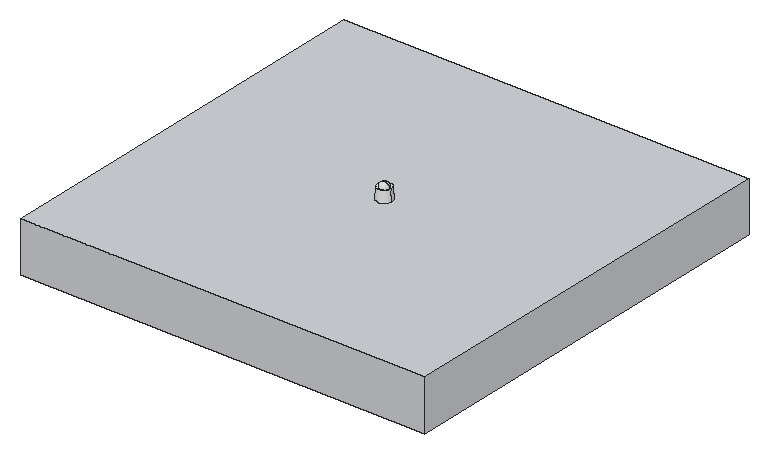
Revit family "Legrand_Lighting_Management_Standalone_Motion_Sensor_360D_Waterproof_Grey_Wall", category Dispositifs d'éclairage, Revit 2020
Family settings
  Hôte = Face
  Conserver l'orientation des annotations = Oui
  Cote de connecteur circulaire = Utiliser le diamètre
  Type d'élément = Normal
  Couper avec des vides une fois chargée = Non
  Partagée = Non
  Point de calcul de pièce = Non
Parameters
  Voltage type = "AC"
  URL = "http://www.legrandoc.com/069740"
  Temperature (MIN) (°C) = 0
  Temperature (MAX) (°C) = 55
  Suitable for wireless transmission = "no"
  Substation input = "no"
  Response value sensitivity adjustable = "yes"
  Response value luminosity adjustable = "yes"
  Response value luminosity (MIN) (lx) = 10
  Response value luminosity (MAX) (lx) = 4000
  Remote operation = "no"
  RAL-number (akin) = "7035"
  Product ID = "069740"
  Nominal voltage (V) = "230"
  Mounting method = "Surface mounted (plaster)"
  Model = "Movement sensor"
  Min. switch-on time (s) = "12"
  Maximum mounting height (m) = "4"
  Max. switching power (W) = 1000
  Max. starting current (A) = "8.5"
  Max. duty cycle (mn) = "16"
  Label [instance] = no
  Indication distance [instance] = 12 mm
  Image du type = PH3.jpg
  HVAC-control = "no"
  General Conditions of Use = "https://export.legrand.com/en/terms-of-use-BIM-objects"
  Frequency (MIN) (Hz) = 50
  Frequency (MAX) (Hz) = 60
  Forced switch off = "no"
  Fabricant = "LEGRAND"
  Elévation par défaut = 2500 mm
  ETIM-5.0 Class = "EC000133"
  Dim function with dimmer basic element = "no"
  Detection zone [instance] = no
  Detection angle horizontal (MIN) (°) = 0
  Detection angle horizontal (MAX) (°) = 360
  Description = "PIR WATERPROOF MOTION SENSOR 360 DEGREES GREY PLEXO"
  Degree of protection (IP) = "IP55"
  Constant light control = "yes"
  Colour = "Grey"
  Code d'assemblage = "D5010200"
  Alarm function = "no"
Reference planes
  plane 1 "Centre (avant/arrière)": y = 0
  plane 2: z = 0
  plane 3 "Centre (gauche/droite)": x = 0
Forms (mm)
  Extrusion 1, solid
    sketch origin (0, 0, 0) x (1, 0, 0) y (0, 1, 0)
      loop
        line (-1219.2, 1219.2) -> (-1219.2, -1219.2) -> (1219.2, -1219.2) -> (1219.2, 1219.2) -> (-1219.2, 1219.2)
    from 0 to -304.8
Dimensions and locks
  aligned and locked: plane 2 to Extrusion 1
  aligned and locked: level to Extrusion 1
  aligned and locked: nested 1 to plane 2
  aligned and locked: plane 3 "Centre (gauche/droite)" to nested 1
  aligned and locked: plane 1 "Centre (avant/arrière)" to nested 1
Nested families
  nested 1: "048898" at (0, 0, 0), type "048898"
  nested 2: "Symbole D" at (0, 0, 0), type "Symbole D"
  nested 3: "Zone de detection 12mx8m- plan" at (0, 0, 0) x (0, 0, 1) z (0, -1, 0), visible <- "Detection zone", type "Zone de detection 12mx8m- plan"
  nested 4: "Détection 90° EN" at (0, 160.52, 0), visible <- "Label", Indication distance <- "Indication distance", type "Détection 90° EN"
    with Indication distance 12 mm
Connectors
  electrical at (0, 0, 0)
    settings: on nested 1, index 1, voltage 230 V, apparent load 0 VA, apparent load phase1 0 VA, apparent load phase2 0 VA, apparent load phase3 0 VA, power factor 1, load classification "Autre", number of poles 1, system type 31, power factor state 1, is connector primary yes, connector utility no, sub classification motor no, connector description ""
Definition of nested family "048898"
  Parameters (values of type "048898")
    Default Elevation = 0 mm
  Reference planes
    plane 1 "Centre (avant/arrière)": y = 0
    plane 2: z = 0
    plane 3 "Centre (gauche/droite)": x = 0
  Forms (mm)
    Revolve 1, solid
      sketch origin (0, 0, 0) x (-1, 0, 0) y (0, 0, -1)
        loop
          line (0, 0) -> (0, -65.2) -> (41, -65.2)
          arc (41, -65.2) -> (43.378, -32.633) -> (44.526, 0) r 865.317
          line (44.526, 0) -> (0, 0)
        axis (0, 0) -> (0, -65.2)
      angle from 0 to 360
    Revolve 2, solid
      sketch origin (0, 0, 0) x (-1, 0, 0) y (0, 0, -1)
        loop
          arc (0, -91.691) -> (18.988, -83.722) -> (27.988, -65.2) r 29.184
          line (27.988, -65.2) -> (0, -65.2) -> (0, -91.691)
        axis (0, -65.2) -> (0, -91.691)
      angle from 0 to 360
  Dimensions and locks
    aligned and locked: level to plane 2
Definition of nested family "Symbole D"
  Reference planes
    plane 1: y = 0
    plane 2: x = 0
  Lines and regions (mm)
    detail lines
      curve 1: spline (0.481, 2.356, 0) -> (0.429, 2.16, 0) -> (0.363, 1.989, 0) -> (0.285, 1.851, 0) -> (0.199, 1.748, 0) -> (0.106, 1.685, 0) -> (0.01, 1.664, 0) -> (-0.085, 1.685, 0) -> (-0.178, 1.748, 0) -> (-0.264, 1.851, 0) -> (-0.342, 1.989, 0) -> (-0.408, 2.16, 0) -> (-0.46, 2.356, 0)
      curve 2: arc (0.821, 3.072, 0) -> (-0.004, 3.293, 0) -> (-0.828, 3.072, 0) r 1.643
      curve 3: arc (-0.64, 2.774, 0) -> (0.004, 2.96, 0) -> (0.648, 2.774, 0) r 1.213
      curve 4: arc (-1.023, 3.436, 0) -> (0.005, 3.717, 0) -> (1.032, 3.436, 0) r 2.018
      curve 5: line (-1.042, 0.262, 0) -> (1.042, 0.262, 0)
      curve 6: arc (-0.945, 0.262, 0) -> (0, 1.008, 0) -> (0.945, 0.262, 0) r 0.972
      curve 7: line (-1.042, 0.262, 0) -> (-1.042, 0, 0)
      curve 8: line (-1.042, 0, 0) -> (1.042, 0, 0)
      curve 9: line (1.042, 0, 0) -> (1.042, 0.262, 0)
  Text (mm)
    text "IR" at (0.939, 0.64, 0)
  Dimensions and locks
    aligned and locked: plane 2 to curve 6
    aligned and locked: plane 1 to curve 8
Definition of nested family "Zone de detection 12mx8m- plan"
  Reference planes
    plane 1 "Centre (avant/arrière)": y = 0
    plane 2: z = 0
    plane 3 "Centre (gauche/droite)": x = 0
  Lines and regions (mm)
    detail lines, in view "Niveau de réf."
      curve 1: line (0, 0, 0) -> (3692.308, 3692.308, 0)
      curve 2: arc (3692.308, 3692.308, 0) -> (5262.653, 3968.914, 0) -> (6857.143, 3958.973, 0) r 8841.544
      curve 3: arc (6857.143, 3958.973, 0) -> (8193.689, 3717.836, 0) -> (9472.961, 3261.802, 0) r 8293.685
      curve 4: arc (9472.961, 3261.802, 0) -> (10318.46, 2780.139, 0) -> (11059.772, 2149.802, 0) r 5215.555
      curve 5: arc (11059.772, 2149.802, 0) -> (11506.891, 1586.263, 0) -> (11830.58, 943.831, 0) r 3532.62
      curve 6: arc (11830.58, 943.831, 0) -> (11960.228, 479.87, 0) -> (12002.568, 0, 0) r 2614.992
      curve 7: arc (4424.882, 0, 0) -> (4411.234, 320.417, 0) -> (4380.15, 639.614, 0) r 5884.415
      curve 8: arc (4380.15, 639.614, 0) -> (4340.781, 895.474, 0) -> (4286.98, 1148.693, 0) r 4567.682
      curve 9: arc (4286.98, 1148.693, 0) -> (4162.3, 1556.249, 0) -> (3990.363, 1946.23, 0) r 3602.685
      curve 10: arc (3990.363, 1946.23, 0) -> (3913.565, 2080.99, 0) -> (3825.336, 2208.559, 0) r 1781.449
      curve 11: line (2527.2, 2527.2, 0) -> (3825.336, 2208.559, 0)
      curve 12: line (0, 0, 0) -> (3692.308, -3692.308, 0)
      curve 13: arc (3692.308, -3692.308, 0) -> (5262.653, -3968.914, 0) -> (6857.143, -3958.973, 0) r 8841.544
      curve 14: arc (6857.143, -3958.973, 0) -> (8193.689, -3717.836, 0) -> (9472.961, -3261.802, 0) r 8293.685
      curve 15: arc (9472.961, -3261.802, 0) -> (10318.46, -2780.139, 0) -> (11059.772, -2149.802, 0) r 5215.555
      curve 16: arc (11059.772, -2149.802, 0) -> (11506.891, -1586.263, 0) -> (11830.58, -943.831, 0) r 3532.62
      curve 17: arc (11830.58, -943.831, 0) -> (11960.228, -479.87, 0) -> (12002.568, 0, 0) r 2614.992
      curve 18: arc (4424.882, 0, 0) -> (4411.234, -320.417, 0) -> (4380.15, -639.614, 0) r 5884.415
      curve 19: arc (4380.15, -639.614, 0) -> (4340.781, -895.474, 0) -> (4286.98, -1148.693, 0) r 4567.682
      curve 20: arc (4286.98, -1148.693, 0) -> (4162.3, -1556.249, 0) -> (3990.363, -1946.23, 0) r 3602.685
      curve 21: arc (3990.363, -1946.23, 0) -> (3913.565, -2080.99, 0) -> (3825.336, -2208.559, 0) r 1781.449
      curve 22: line (2527.2, -2527.2, 0) -> (3825.336, -2208.559, 0)
Definition of nested family "Détection 90° EN"
  Parameters (values of type "Détection 90° EN")
    Indication distance [instance] = 0 mm
  Reference planes
    plane 1: y = 0
    plane 2: x = 0
  Text (mm)
    label "90°, Indication distancem front detection at 2.5m height" at (-0.885, 0.234, 0), shows "Indication distance"
